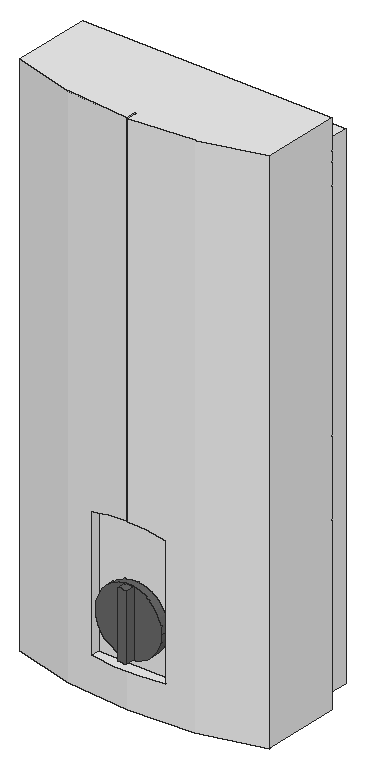
Revit family "Plumbing Fixture_Water Heater_Stiebel Eltron_DHE", category Plumbing Fixtures, Revit 2015
Parameters (values of type "27 AU")
  Waste Connection = no
  Vent Connection = no
  URL = "http://www.stiebel.com.au/"
  Type Comments = "Instantaneous Water Heater"  # constant formula
  Model = "DHE 27 AU"
  Manufacturer_URL__Product Specific = "http://www.stiebel.com.au/water-heating/dhe-instantaneous-3-phase-water-heater"
  Manufacturer_Spec Code = Model  # "DHE 27 AU"
  Manufacturer_Overall Width = 225 mm  # constant formula
  Manufacturer_Overall Height = 478 mm  # constant formula
  Manufacturer_Overall Depth = 105 mm  # constant formula
  Manufacturer_Height From FFL [instance] = 900 mm
  Manufacturer = "Stiebel Eltron"  # constant formula
  HW Connection = yes
  Description = "Instantaneous 3 Phase Electric Water Heater - Up to 60°Celsius"
  CreatedBy_ANZRS = "IGS - BIM Solutions"  # constant formula
  CreatedByURL_ANZRS = "http://www.igsgroup.com.au/"
  CW Connection = yes
  ApparentLoad_ANZRS = 28752 VA
Types (2, lengths in mm): name | Model | Manufacturer_Spec Code | ApparentLoad_ANZRS
  18 AU | "DHE 18 AU" | "DHE 18 AU" | 19407 VA
  27 AU | "DHE 27 AU" | "DHE 27 AU" | 28752 VA
Reference planes
  plane 1 "Center (Front/Back)": y = 0
  plane 2: z = 0
  plane 3 "Center (Left/Right)": x = 0
  plane 4 "Right": x = 112.5
  plane 5 "Left": x = -112.5
  plane 6 "Bottom": z = 900
  plane 7 "top": z = 1378
  plane 8 "Back": y = 52.5
  plane 9 "Front": y = -52.5
Forms (mm)
  Extrusion 1, solid, material "z_Stiebel Eltron_White"
    sketch origin (0, 0, 1378) x (-1, 0, 0) y (0, -1, 0)
      loop
        line (112.5, -37.5) -> (112.5, 32.5)
        arc (112.5, 32.5) -> (0, 52.5) -> (-112.5, 32.5) r 326.406
        line (-112.5, 32.5) -> (-112.5, -37.5) -> (112.5, -37.5)
    from -478 to 0
  Extrusion 2, void
    sketch origin (-2.784, 0, 863.757) x (1, 0, 0) y (0, 0, 1)
      loop
        arc (35.922, 183.734) -> (19.788, 187.446) -> (3.284, 188.751) r 112.576
        line (3.284, 188.751) -> (3.284, 514.243) -> (2.284, 514.243) -> (2.284, 188.752)
        arc (2.284, 188.752) -> (-14.235, 187.453) -> (-30.383, 183.745) r 112.571
        line (-30.383, 183.745) -> (-30.383, 68.744)
        arc (-30.383, 68.744) -> (2.769, 67.421) -> (35.922, 68.743) r 416.348
        line (35.922, 68.743) -> (35.922, 183.734)
    from 43.526 to 53.5
  Extrusion 3, solid, material "z_Stiebel Eltron_Black"
    sketch origin (0, 0, 891.832) x (1, 0, 0) y (0, 0, 1)
      loop
        circle (0, 79) r 30
    from 43.526 to 50.811
  Extrusion 4, solid, material "z_Stiebel Eltron_Black"
    sketch origin (0, 0, 891.832) x (1, 0, 0) y (0, 0, 1)
      loop
        line (-4.119, 108.45) -> (-4.119, 49.469)
        arc (-4.119, 49.469) -> (0, 49) -> (4.119, 49.469) r 18.33
        line (4.119, 49.469) -> (4.119, 108.45)
        arc (4.119, 108.45) -> (0, 109) -> (-4.119, 108.45) r 15.69
    from 50.811 to 58.526
  Extrusion 5, solid, material "z_Stiebel Eltron_White"
    sketch origin (-1893.299, -1524, 1378) x (-1, 0, 0) y (0, -1, 0)
      loop
        line (-1780.799, -1576.5) -> (-1780.799, -1561.5) -> (-2005.799, -1561.5) -> (-2005.799, -1576.5) -> (-1780.799, -1576.5)
    from -463 to -15
  Extrusion 6, solid
    sketch origin (-50.418, 0, 2493.962) x (1, 0, 0) y (0, 0, 1)
      loop
        circle (50.418, -1215.962) r 3
    from -52.5 to -57.498
  Extrusion 7, solid
    sketch origin (3.015, -10, 890.517) x (1, 0, 0) y (0, 0, 1)
      loop
        circle (-53.015, 49.483) r 6.35
      loop
        circle (46.985, 49.483) r 6.35
    from -67.5 to -62.5
  Extrusion 8, solid
    sketch origin (0, 0, 900) x (-1, 0, 0) y (0, -1, 0)
      loop
        circle (50, -17.5) r 6.35
      loop
        circle (-50, -17.5) r 6.35
    from -5.004 to 0
Cuts and joins
  Extrusion 2 cuts Extrusion 1
Lines and regions (mm)
  Masking region 1
    outline origin (0, 0, 0) x (1, 0, 0) y (0, 1, 0)
      loop
        arc (-112.5, -32.5) -> (-71.856, -44.493) -> (-30, -51.118) r 326.406
        line (-30, -51.118) -> (-30, -53.5) -> (-4.119, -53.5) -> (-4.119, -58.5) -> (4.119, -58.5) -> (4.119, -53.5) -> (30, -53.5) -> (30, -51.118)
        arc (30, -51.118) -> (71.856, -44.493) -> (112.5, -32.5) r 326.406
        line (112.5, -32.5) -> (112.5, 52.5) -> (-112.5, 52.5) -> (-112.5, -32.5)
  Masking region 2
    outline origin (-1065, 0, 900) x (0, 0, -1) y (1, 0, 0)
      loop
        line (-478, 952.5) -> (0, 952.5) -> (0, 1177.5) -> (-478, 1177.5) -> (-478, 952.5)
  Masking region 3
    outline origin (-112.5, 340, 2900) x (0, 1, 0) y (0, 0, 1)
      loop
        line (-392.5, -1522) -> (-392.5, -1847.491) -> (-393.5, -1847.491) -> (-393.5, -1899.12) -> (-396.326, -1899.12) -> (-396.326, -1959.165) -> (-393.5, -1959.165) -> (-393.5, -1968.82) -> (-392.5, -1968.82) -> (-392.5, -2000) -> (-302.5, -2000) -> (-302.5, -1985) -> (-287.5, -1985) -> (-287.5, -1537) -> (-302.5, -1537) -> (-302.5, -1522) -> (-392.5, -1522)
  Masking region 4, detail levels fine
    outline origin (0, 52.5, 0) x (-1, 0, 0) y (0, 0, 1)
      loop
        line (-4.119, 1000.547) -> (-4.119, 941.116)
        arc (-4.119, 941.116) -> (0, 940.832) -> (4.119, 941.116) r 30
        line (4.119, 941.116) -> (4.119, 1000.547)
        arc (4.119, 1000.547) -> (0, 1000.832) -> (-4.119, 1000.547) r 30
  symbolic lines, style "Water Storage", detail levels medium+fine
    curve 1: line (-112.5, 37.5, 0) -> (112.5, 37.5, 0)
    curve 4: line (-0.5, 0, 1378) -> (-0.5, 0, 1052.509)
    curve 5: line (0.5, 0, 1378) -> (0.5, 0, 1052.509)
    curve 6: line (-112.5, -32.5, 1378) -> (-112.5, -32.5, 900)
    curve 7: line (-112.5, 37.5, 1363) -> (-112.5, 37.5, 915)
    curve 17: arc (-33.167, 52.5, 932.501) -> (-0.014, 52.5, 931.178) -> (33.139, 52.5, 932.5) r 416.348
    curve 18: arc (30, 52.5, 970.832) -> (0, 52.5, 1000.832) -> (-30, 52.5, 970.832) r 30
    curve 19: arc (-30, 52.5, 970.832) -> (0, 52.5, 940.832) -> (30, 52.5, 970.832) r 30
  symbolic lines, style "Water Storage", detail levels fine
    curve 2: arc (-30, -51.118, 0) -> (0, -52.5, 0) -> (30, -51.118, 0) r 326.406
    curve 3: line (-4.119, -53.5, 0) -> (4.119, -53.5, 0)
    curve 8: line (-112.5, -53.5, 1000.88) -> (-112.5, -53.5, 940.835)
    curve 9: line (-112.5, -52.5, 931.18) -> (-112.5, -52.5, 1052.509)
    curve 15: line (31.139, 52.5, 932.345) -> (31.139, 52.5, 900)
    curve 16: line (-31.139, 52.5, 932.344) -> (-31.139, 52.5, 900)
    curve 20: line (-22.001, 0, 1041.079) -> (22.999, 0, 1041.079)
    curve 21: line (-22.001, 0, 1016.079) -> (-22.001, 0, 1041.079)
    curve 22: line (22.999, 0, 1016.079) -> (-22.001, 0, 1016.079)
    curve 23: line (22.999, 0, 1041.079) -> (22.999, 0, 1016.079)
  symbolic lines, style "Water Storage", detail levels coarse
    curve 10: line (0.337, 52.5, 1052.509) -> (-0.499, 52.5, 1052.509)
  symbolic lines, style "Water Storage"
    curve 11: line (-33.167, 52.5, 900) -> (-33.167, 52.5, 1047.502)
    curve 12: line (33.139, 52.5, 1047.492) -> (33.139, 52.5, 900)
    curve 13: arc (33.139, 52.5, 1047.492) -> (16.924, 52.5, 1051.215) -> (0.337, 52.5, 1052.509) r 112.576
    curve 14: arc (-0.499, 52.5, 1052.509) -> (-17.018, 52.5, 1051.211) -> (-33.167, 52.5, 1047.502) r 112.571
Text (mm)
  text "\n\n\n\nDisclaimer:\n\nDue to ongoing product development and manufacturing evolution, product details are subject to change without notice.\n\nPlease refer to product technical data sheets on www.stiebel.com.au for the most current product information.\n\nPlease allow a +/- 5mm tolerance for dimensions and set-outs shown in product literature.\n\n© Stiebel Eltron 2016" at (220.292, 182.481, 0), in view "Ref. Level_Instruction"
Dimensions and locks
  "Manufacturer_Height From FFL": plane 6 "Bottom" to plane 2
  equal spacing: plane 9 "Front", plane 1 "Center (Front/Back)", plane 8 "Back"
  "Manufacturer_Overall Depth": plane 8 "Back" to plane 9 "Front"
  equal spacing: plane 5 "Left", plane 3 "Center (Left/Right)", plane 4 "Right"
  "Manufacturer_Overall Width": plane 5 "Left" to plane 4 "Right"
  "Manufacturer_Overall Height": plane 7 "top" to plane 6 "Bottom"
  aligned and locked: level to plane 2
  aligned and locked: Extrusion 4 to Extrusion 3
  aligned and locked: plane 7 "top" to Extrusion 2
Automatic sketch dimensions
  plane 6 "Bottom" to Extrusion 3 sketch curve = 70.832 mm
  plane 4 "Right" to Extrusion 3 sketch curve = 112.5 mm
  Extrusion 5 sketch curve to plane 4 "Right" = 0 mm
  Extrusion 5 sketch curve to plane 5 "Left" = 0 mm
  Extrusion 5 sketch curve to plane 8 "Back" = 0 mm
  Extrusion 4 sketch curve to plane 3 "Center (Left/Right)" = 4.119 mm
  Extrusion 4 sketch curve to plane 3 "Center (Left/Right)" = 0 mm  (x2)
  Extrusion 4 sketch curve to Extrusion 4 sketch curve = 25.98 mm
  Extrusion 4 sketch curve to Extrusion 4 sketch curve = 15.139 mm
  plane 3 "Center (Left/Right)" to Extrusion 4 sketch curve = 4.119 mm
  Extrusion 1 sketch curve to plane 4 "Right" = 0 mm
  Extrusion 1 sketch curve to plane 3 "Center (Left/Right)" = 0 mm
  plane 8 "Back" to Extrusion 1 sketch curve = 221.406 mm
  Extrusion 4 sketch curve to Extrusion 4 sketch curve = 17.861 mm
  plane 6 "Bottom" to Extrusion 4 sketch curve = 41.301 mm
  Extrusion 7 sketch curve to plane 3 "Center (Left/Right)" = 50 mm
  plane 3 "Center (Left/Right)" to Extrusion 7 sketch curve = 50 mm
  plane 6 "Bottom" to Extrusion 7 sketch curve = 40 mm  (x2)
  plane 3 "Center (Left/Right)" to Extrusion 8 sketch curve = 50 mm
  Extrusion 8 sketch curve to plane 3 "Center (Left/Right)" = 50 mm
  Extrusion 8 sketch curve to plane 1 "Center (Front/Back)" = 17.5 mm  (x2)
  Extrusion 1 sketch curve to plane 8 "Back" = 15 mm
  Extrusion 5 sketch curve to plane 8 "Back" = 15 mm
  Extrusion 1 sketch curve to plane 5 "Left" = 0 mm
  plane 9 "Front" to Extrusion 1 sketch curve = 20 mm
  Masking region 1 sketch curve to Masking region 1 sketch curve = 0 mm  (x2)
  Masking region 1 sketch curve to plane 5 "Left" = 0 mm
  Masking region 1 sketch curve to plane 3 "Center (Left/Right)" = 0 mm
  Masking region 1 sketch curve to plane 4 "Right" = 0 mm
  Masking region 1 sketch curve to plane 8 "Back" = 0 mm
  Masking region 1 sketch curve to plane 3 "Center (Left/Right)" = 30 mm
  Masking region 1 sketch curve to plane 3 "Center (Left/Right)" = 4.119 mm
  plane 3 "Center (Left/Right)" to Masking region 1 sketch curve = 4.119 mm
  plane 9 "Front" to Masking region 1 sketch curve = 1.382 mm  (x2)
  Masking region 1 sketch curve to Masking region 1 sketch curve = 25.881 mm
  Masking region 1 sketch curve to plane 9 "Front" = 1 mm  (x2)
  Masking region 1 sketch curve to Masking region 1 sketch curve = 5 mm
  plane 1 "Center (Front/Back)" to Masking region 1 sketch curve = 32.5 mm
  curve 1 to plane 5 "Left" = 0 mm
  curve 2 to plane 3 "Center (Left/Right)" = 0 mm
  curve 1 to plane 4 "Right" = 0 mm
  plane 8 "Back" to curve 2 = 221.406 mm
  plane 9 "Front" to curve 2 = 1.382 mm  (x2)
  curve 2 to plane 3 "Center (Left/Right)" = 30 mm
  curve 3 to plane 9 "Front" = 1 mm
  curve 3 to plane 3 "Center (Left/Right)" = 4.119 mm
  plane 3 "Center (Left/Right)" to curve 3 = 4.119 mm
  curve 1 to plane 8 "Back" = 15 mm
  curve 6 to plane 6 "Bottom" = 0 mm
  curve 6 to plane 7 "top" = 0 mm
  curve 8 to plane 9 "Front" = 1 mm
  plane 9 "Front" to curve 9 = 0 mm
  plane 9 "Front" to curve 6 = 20 mm
  curve 7 to plane 8 "Back" = 15 mm
  plane 6 "Bottom" to curve 7 = 15 mm
  plane 6 "Bottom" to curve 9 = 31.18 mm
  curve 9 to curve 8 = 9.655 mm
  curve 8 to curve 8 = 60.046 mm
  curve 8 to curve 9 = 51.628 mm
  curve 7 to plane 7 "top" = 15 mm
  curve 12 to plane 6 "Bottom" = 0 mm
  curve 15 to plane 6 "Bottom" = 0 mm
  curve 16 to plane 6 "Bottom" = 0 mm
  curve 11 to plane 6 "Bottom" = 0 mm
  plane 3 "Center (Left/Right)" to curve 12 = 33.139 mm
  plane 3 "Center (Left/Right)" to curve 10 = 0.337 mm
  plane 3 "Center (Left/Right)" to curve 14 = 0.036 mm
  curve 13 to plane 3 "Center (Left/Right)" = 0.097 mm
  curve 10 to plane 3 "Center (Left/Right)" = 0.499 mm
  curve 14 to curve 11 = 32.668 mm
  plane 6 "Bottom" to curve 13 = 39.933 mm
  curve 13 to curve 14 = 0.006 mm
  curve 14 to curve 12 = 107.553 mm
  plane 3 "Center (Left/Right)" to curve 15 = 31.139 mm
  curve 16 to curve 11 = 2.028 mm
  curve 16 to curve 13 = 7.59 mm
  curve 15 to curve 14 = 7.594 mm
  Extrusion 2 sketch curve to plane 7 "top" = 0 mm
  Extrusion 2 sketch curve to plane 3 "Center (Left/Right)" = 33.167 mm
  Extrusion 2 sketch curve to plane 3 "Center (Left/Right)" = 0.5 mm
  Extrusion 2 sketch curve to plane 3 "Center (Left/Right)" = 0.097 mm
  Extrusion 2 sketch curve to plane 3 "Center (Left/Right)" = 0.009 mm
  plane 3 "Center (Left/Right)" to Extrusion 2 sketch curve = 0.036 mm
  plane 3 "Center (Left/Right)" to Extrusion 2 sketch curve = 0.5 mm
  plane 3 "Center (Left/Right)" to Extrusion 2 sketch curve = 33.139 mm
  Extrusion 2 sketch curve to plane 7 "top" = 30.474 mm
  plane 6 "Bottom" to Extrusion 2 sketch curve = 152.509 mm
  Extrusion 2 sketch curve to Extrusion 2 sketch curve = 0.001 mm
  Extrusion 2 sketch curve to Extrusion 2 sketch curve = 5.007 mm
  Extrusion 2 sketch curve to Extrusion 2 sketch curve = 5.016 mm
  plane 6 "Bottom" to Extrusion 2 sketch curve = 32.501 mm
  Extrusion 6 sketch curve to plane 3 "Center (Left/Right)" = 0 mm
  Extrusion 6 sketch curve to plane 7 "top" = 100 mm
  Masking region 2 sketch curve to plane 4 "Right" = 0 mm
  Masking region 2 sketch curve to plane 7 "top" = 0 mm
  Masking region 2 sketch curve to plane 5 "Left" = 0 mm
  Masking region 2 sketch curve to plane 6 "Bottom" = 0 mm
  Masking region 3 sketch curve to plane 6 "Bottom" = 0 mm
  Masking region 3 sketch curve to plane 7 "top" = 0 mm
  Masking region 3 sketch curve to plane 8 "Back" = 0 mm
  Masking region 3 sketch curve to plane 8 "Back" = 15 mm  (x2)
  plane 9 "Front" to Masking region 3 sketch curve = 0 mm  (x2)
  Masking region 3 sketch curve to plane 9 "Front" = 1 mm  (x2)
  Masking region 3 sketch curve to Masking region 3 sketch curve = 2.826 mm
  plane 6 "Bottom" to Masking region 3 sketch curve = 15 mm
  Masking region 3 sketch curve to Masking region 3 sketch curve = 31.18 mm
  Masking region 3 sketch curve to Masking region 3 sketch curve = 9.655 mm
  Masking region 3 sketch curve to Masking region 3 sketch curve = 60.046 mm
  Masking region 3 sketch curve to Masking region 3 sketch curve = 51.628 mm
  Masking region 3 sketch curve to plane 7 "top" = 15 mm
  curve 17 to plane 7 "top" = 30.474 mm
  plane 3 "Center (Left/Right)" to curve 18 = 0 mm
  curve 14 to curve 19 = 30.893 mm
  curve 19 to curve 18 = 30 mm
  plane 6 "Bottom" to Masking region 4 sketch curve = 41.116 mm
  Masking region 4 sketch curve to Masking region 4 sketch curve = 0 mm  (x3)
  plane 3 "Center (Left/Right)" to Masking region 4 sketch curve = 0 mm
  Masking region 4 sketch curve to Masking region 4 sketch curve = 4.119 mm
  Masking region 4 sketch curve to Masking region 4 sketch curve = 29.716 mm  (x2)
  curve 5 to plane 7 "top" = 0 mm
  curve 4 to plane 7 "top" = 0 mm
  curve 20 to plane 3 "Center (Left/Right)" = 22.001 mm
  plane 6 "Bottom" to curve 20 = 141.079 mm
  curve 20 to curve 22 = 25 mm
  plane 3 "Center (Left/Right)" to curve 22 = 22.999 mm
  plane 3 "Center (Left/Right)" to curve 5 = 0.5 mm
  curve 5 to curve 20 = 11.429 mm
  curve 4 to plane 3 "Center (Left/Right)" = 0.5 mm
  curve 5 to curve 4 = 0 mm
  radius of Extrusion 3 sketch curve = 30 mm
  radius of Extrusion 7 sketch curve = 6.35 mm  (x2)
  radius of Extrusion 8 sketch curve = 6.35 mm  (x2)
  radius of Extrusion 6 sketch curve = 3 mm
Connectors
  electrical at (0, 57.498, 1278), driven by "ApparentLoad_ANZRS"
    settings: on Extrusion 6, index 1, voltage 400 V, apparent load 28752 VA, apparent load phase1 0 VA, apparent load phase2 0 VA, apparent load phase3 0 VA, power factor 1, load classification "Power", number of poles 3, system type 30, power factor state 1, is connector primary yes, connector utility no, sub classification motor no, connector description "Electric"
  piping at (50, 57.5, 940), diameter 12.7, driven by "CW Connection"
    settings: on Extrusion 7, index 2, connector inside diameter 609.6 mm, connector length 0 mm, flow factor 0, pipe flow 0.0 L/s, pressure drop 0.0 Pa, fitting loss kfactor 0, connector angle 0.00°, fixture units 0, engagement length 0 mm, angle of deflection 0.00°, flow configuration 2, flow direction 1, fitting loss method 4, system type 20, joint type 0, gender type 0, connector reference index -1, connector utility 1, adjustable connector no, is connector primary yes, connector description "Cold Water Inlet"
  piping at (-50, 57.5, 940), diameter 12.7, driven by "HW Connection"
    settings: on Extrusion 7, index 3, connector inside diameter 609.6 mm, connector length 0 mm, flow factor 0, pipe flow 0.0 L/s, pressure drop 0.0 Pa, fitting loss kfactor 0, connector angle 0.00°, fixture units 0, engagement length 0 mm, angle of deflection 0.00°, flow configuration 2, flow direction 2, fitting loss method 4, system type 19, joint type 0, gender type 0, connector reference index -1, connector utility 1, adjustable connector no, is connector primary no, connector description "Hot Water Outlet"
  piping at (-50, 17.5, 894.996), diameter 12.7, driven by "HW Connection"
    settings: on Extrusion 8, index 4, connector inside diameter 609.6 mm, connector length 0 mm, flow factor 0, pipe flow 0.0 L/s, pressure drop 0.0 Pa, fitting loss kfactor 0, connector angle 0.00°, fixture units 0, engagement length 0 mm, angle of deflection 0.00°, flow configuration 2, flow direction 2, fitting loss method 4, system type 19, joint type 0, gender type 0, connector reference index -1, connector utility 1, adjustable connector no, is connector primary no, connector description "Hot Water Outlet"
  piping at (50, 17.5, 894.996), diameter 12.7, driven by "CW Connection"
    settings: on Extrusion 8, index 5, connector inside diameter 609.6 mm, connector length 0 mm, flow factor 0, pipe flow 0.0 L/s, pressure drop 0.0 Pa, fitting loss kfactor 0, connector angle 0.00°, fixture units 0, engagement length 0 mm, angle of deflection 0.00°, flow configuration 2, flow direction 1, fitting loss method 4, system type 20, joint type 0, gender type 0, connector reference index -1, connector utility 1, adjustable connector no, is connector primary no, connector description "Cold Water Inlet"
